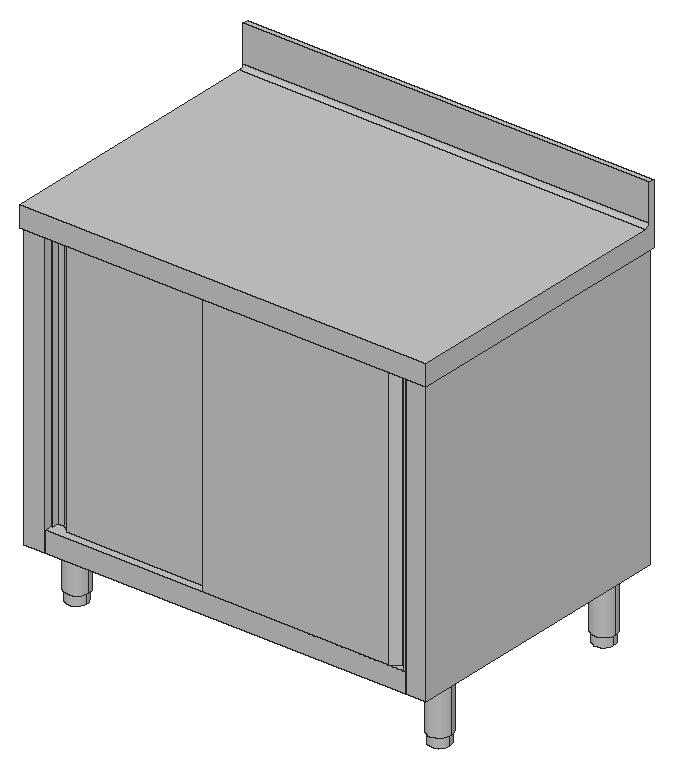
Revit family "QF_ZANUSSI_132776_MTN1010PN", category Attrezzature speciali, Revit 2020
Family settings
  Quota connettore circolare = Usa diametro
  Tipo di parte = Normale
  Basato su piano di lavoro = No
  Sempre verticale = Sì
  Taglio con vuoti quando caricato = No
  Condiviso = No
  Punto di calcolo locali = No
Parameters (values of type "Standard")
  Weight = 50.00 kg
  Watts = 0 W
  Volts = 0 V
  URL Manufacturer = "http://www.zanussiprofessional.com"
  URL = "http://www.zanussiprofessional.com"
  Steam Supply Size = 0 mm
  Steam Supply Minimum Pressure = 0.0 Pa
  Steam Supply Maximum Pressure = 0.0 Pa
  Steam Consumption per Hour = 0
  Refrigeration Suction Line Size = 0.0 mm
  Refrigeration Liquid Line Size = 0.0 mm
  Refrigerant Compressor Remote = yes
  Prospetto di default = 0.0 mm
  Produttore = "Zanussi"
  Phase = 0
  Modello = "MTN1010PN"
  Length Actual = 1000.0 mm  # constant formula
  Item Number = "132776"
  Hot Water Size = 0 mm
  Height Actual = 1000.0 mm  # constant formula
  HP = "0 HP"
  Gas Size = 0 mm
  Gas KW = 0
  Gas Input Pressure = 0 W
  Direct Waste Size = 0 mm
  Descrizione = "WORKTOP CUPB+UPST+SHELF+SLIDING D.1000MM"
  Depth Actual = 700.0 mm  # constant formula
  Cycle = 0 Hz
  Condensate Return Size = 0 mm
  Compressed Air Volume = 0.0 L/s
  Compressed Air Size = 0 mm
  Compressed Air Pressure = 0.0 Pa
  Cold Water Size = 0 mm
  Accessory = yes
Reference planes
  plane 1 "Center (Front/Back)": y = 0
  plane 2: z = 0
  plane 3 "Center (Left/Right)": x = 0
  plane 4 "LEFT": x = -500
  plane 5 "RIGHT": x = 500
  plane 6 "BACK": y = 350
  plane 7 "FRONT": y = -350
  plane 8 "Base": z = 850
  plane 9 "TOP": z = 900
  plane 10: x = -446.9
  plane 11: x = 446.9
  plane 12: y = 264.5
  plane 13: y = -241.9
  plane 14 "BodyLeft": x = -494.5
  plane 15 "BodyFront": y = -344.5
  plane 16 "BodyRight": x = 494.5
  plane 17 "BodyBack": y = 344.5
  plane 18 "FEET": z = 150
  plane 19: x = 55.5
  plane 20: x = -55.5
Forms (mm)
  Extrusion 1, solid, material "QF_Finishes_Stainless Steel"
    sketch origin (0, 0, 0) x (0, 1, 0) y (0, 0, 1)
      loop
        line (-350, 850) -> (350, 850) -> (350, 1000) -> (337, 1000) -> (337, 910)
        arc (337, 910) -> (334.071, 902.929) -> (327, 900) r 10
        line (327, 900) -> (-350, 900) -> (-350, 850)
    from 500 to -500
  Extrusion 2, solid, material "QF_Finishes_Stainless Steel"
    sketch origin (0, 0, 150) x (-1, 0, 0) y (0, -1, 0)
      loop
        line (494.5, -344.5) -> (494.5, 344.5) -> (444.5, 344.5) -> (444.5, -344.5) -> (494.5, -344.5)
      loop
        line (-444.5, -344.5) -> (-444.5, 344.5) -> (-494.5, 344.5) -> (-494.5, -344.5) -> (-444.5, -344.5)
    from 0 to 700
  Extrusion 3, solid, material "QF_Finishes_Stainless Steel"
    sketch origin (0, 0, 150) x (-1, 0, 0) y (0, -1, 0)
      loop
        line (443.585, -344.5) -> (443.585, 344.5) -> (-444.5, 344.5) -> (-444.5, -344.5) -> (443.585, -344.5)
    from 0 to 50
  Extrusion 4, solid, material "QF_Finishes_Stainless Steel"
    sketch origin (0, 0, 150) x (-1, 0, 0) y (0, -1, 0)
      loop
        line (443.585, -344.5) -> (443.585, -294.5) -> (-444.5, -294.5) -> (-444.5, -344.5) -> (443.585, -344.5)
    from 50 to 700
  Extrusion 5, solid, material "QF_Finishes_Stainless Steel"
    sketch origin (0, 0, 150) x (-1, 0, 0) y (0, -1, 0)
      loop
        line (-444.5, 344.5) -> (-444.5, 324.5) -> (55.5, 324.5) -> (55.5, 344.5) -> (-404.5, 344.5) -> (-424.5, 329.5) -> (-439.5, 329.5) -> (-439.5, 344.5) -> (-444.5, 344.5)
    from 50 to 700
  Extrusion 6, solid, material "QF_Finishes_Stainless Steel"
    sketch origin (0, 20, 150) x (1, 0, 0) y (0, 1, 0)
      loop
        line (-444.5, -344.5) -> (-439.5, -344.5) -> (-439.5, -329.5) -> (-424.5, -329.5) -> (-404.5, -344.5) -> (55.5, -344.5) -> (55.5, -324.5) -> (-444.5, -324.5) -> (-444.5, -344.5)
    from 50 to 700
Lines and regions (mm)
  symbolic lines
    curve 1: line (500, 350, 900) -> (-500, 350, 900)
    curve 2: line (-500, 350, 900) -> (-500, -350, 900)
    curve 3: line (-500, -350, 900) -> (500, -350, 900)
    curve 4: line (500, -350, 900) -> (500, 350, 900)
    curve 5: line (-500, 337, 900) -> (500, 337, 900)
  symbolic lines, style "SpecialityEquipmentHiddenLines"
    curve 6: line (-494.5, -344.5, 150) -> (-494.5, 344.5, 150)
    curve 7: line (-494.5, 344.5, 150) -> (494.5, 344.5, 150)
    curve 8: line (494.5, 344.5, 150) -> (494.5, -344.5, 150)
    curve 9: line (494.5, -344.5, 150) -> (-494.5, -344.5, 150)
    curve 10: line (-444.5, -304.5, 150) -> (55.5, -304.5, 150)
    curve 11: line (55.5, -304.5, 150) -> (55.5, -324.5, 150)
    curve 12: line (444.5, -324.5, 150) -> (-444.5, -324.5, 150)
    curve 13: line (-444.5, -324.5, 150) -> (-444.5, -304.5, 150)
    curve 14: line (-55.5, -344.5, 150) -> (-55.5, -324.5, 150)
Dimensions and locks
  plane 4 "LEFT" to plane 5 "RIGHT" = 1000.0 mm
  equal spacing: plane 4 "LEFT", plane 3 "Center (Left/Right)", plane 5 "RIGHT"
  locked: plane 8 "Base" to level at 850
  locked: Extrusion 1 to level at 1000
  plane 9 "TOP" to level = 900.0 mm
  plane 6 "BACK" to plane 7 "FRONT" = 700.0 mm
  equal spacing: plane 6 "BACK", plane 1 "Center (Front/Back)", plane 7 "FRONT"
  locked: plane 4 "LEFT" to plane 14 "BodyLeft" at 5.5
  locked: plane 16 "BodyRight" to plane 5 "RIGHT" at 5.5
  locked: plane 15 "BodyFront" to plane 7 "FRONT" at 5.5
  locked: plane 6 "BACK" to plane 17 "BodyBack" at 5.5
  locked: plane 14 "BodyLeft" to plane 10 at 47.6
  locked: plane 11 to plane 16 "BodyRight" at 47.6
  locked: plane 13 to plane 15 "BodyFront" at 102.6
  locked: plane 17 "BodyBack" to plane 12 at 80
  plane 10 to plane 11 = 893.8 mm
  plane 12 to plane 13 = 506.4 mm
  locked: plane 18 "FEET" to level at 150
  locked: plane 14 "BodyLeft" to Extrusion 2 sketch curve at 50
  locked: Extrusion 2 sketch curve to Extrusion 2 sketch curve at 50
  Extrusion 3 to Extrusion 4 sketch curve = 50.0 mm
  Extrusion 2 to plane 19 = 500.0 mm
  plane 20 to Extrusion 2 = 500.0 mm
  aligned and locked: level to plane 2
  aligned and locked: plane 10 to nested 1
  aligned and locked: nested 1 to plane 13
  aligned and locked: plane 11 to nested 2
  aligned and locked: nested 2 to plane 13
  aligned and locked: plane 11 to nested 4
  aligned and locked: nested 4 to plane 12
  aligned and locked: plane 10 to nested 3
  aligned and locked: nested 3 to plane 12
  aligned and locked: Extrusion 1 to plane 4 "LEFT"
  aligned and locked: plane 5 "RIGHT" to Extrusion 1
  aligned and locked: curve 2 to plane 4 "LEFT"
  aligned and locked: plane 17 "BodyBack" to Extrusion 2 sketch curve
  aligned and locked: Extrusion 2 sketch curve to plane 15 "BodyFront"
  aligned and locked: Extrusion 2 sketch curve to plane 14 "BodyLeft"
  aligned and locked: plane 16 "BodyRight" to Extrusion 2 sketch curve
  aligned and locked: Extrusion 2 sketch curve to plane 17 "BodyBack"
  aligned and locked: plane 15 "BodyFront" to Extrusion 2 sketch curve
  aligned and locked: Extrusion 3 sketch curve to plane 17 "BodyBack"
  aligned and locked: plane 15 "BodyFront" to Extrusion 3 sketch curve
  aligned and locked: plane 8 "Base" to Extrusion 2
  aligned and locked: plane 8 "Base" to Extrusion 5
  aligned and locked: Extrusion 5 to Extrusion 3
  aligned and locked: Extrusion 6 sketch curve to plane 19
  aligned and locked: Extrusion 5 sketch curve to plane 20
  aligned and locked: curve 7 to plane 17 "BodyBack"
  aligned and locked: Extrusion 2 to plane 14 "BodyLeft"
  aligned and locked: plane 16 "BodyRight" to curve 8
  aligned and locked: plane 15 "BodyFront" to curve 9
Automatic sketch dimensions
  curve 3 to plane 7 "FRONT" = 0.0 mm
  curve 5 to plane 5 "RIGHT" = 0.0 mm
  curve 4 to plane 6 "BACK" = 0.0 mm
  curve 5 to plane 17 "BodyBack" = 7.5 mm
  Extrusion 1 sketch curve to plane 7 "FRONT" = 0.0 mm
  Extrusion 1 sketch curve to plane 9 "TOP" = 0.0 mm
  Extrusion 1 sketch curve to plane 6 "BACK" = 0.0 mm
  Extrusion 1 sketch curve to plane 8 "Base" = 0.0 mm
  Extrusion 1 sketch curve to plane 17 "BodyBack" = 17.5 mm
  Extrusion 1 sketch curve to plane 17 "BodyBack" = 7.5 mm
  Extrusion 1 sketch curve to Extrusion 1 sketch curve = 90.0 mm
  Extrusion 5 sketch curve to plane 15 "BodyFront" = 0.0 mm  (x2)
  Extrusion 5 sketch curve to plane 11 = 2.4 mm
  Extrusion 5 sketch curve to Extrusion 5 sketch curve = 5.0 mm
  Extrusion 5 sketch curve to Extrusion 5 sketch curve = 15.0 mm
  Extrusion 5 sketch curve to Extrusion 5 sketch curve = 20.0 mm
  plane 15 "BodyFront" to Extrusion 5 sketch curve = 15.0 mm
  plane 15 "BodyFront" to Extrusion 5 sketch curve = 20.0 mm
  Extrusion 6 sketch curve to plane 15 "BodyFront" = 20.0 mm  (x2)
  Extrusion 6 sketch curve to plane 10 = 2.4 mm
  Extrusion 6 sketch curve to Extrusion 6 sketch curve = 5.0 mm
  Extrusion 6 sketch curve to Extrusion 6 sketch curve = 15.0 mm
  Extrusion 6 sketch curve to Extrusion 6 sketch curve = 20.0 mm  (x2)
  Extrusion 6 sketch curve to plane 15 "BodyFront" = 35.0 mm
  Extrusion 3 sketch curve to plane 11 = 2.4 mm
  plane 10 to Extrusion 3 sketch curve = 3.315 mm
  Extrusion 4 sketch curve to plane 11 = 2.4 mm
  plane 10 to Extrusion 4 sketch curve = 3.315 mm
  curve 10 to plane 19 = 0.0 mm
  curve 14 to plane 20 = 0.0 mm
  curve 7 to plane 14 "BodyLeft" = 0.0 mm
  plane 10 to curve 13 = 2.4 mm
  curve 10 to curve 13 = 20.0 mm
  curve 12 to plane 11 = 2.4 mm
  plane 15 "BodyFront" to curve 14 = 20.0 mm
Nested families
  nested 1: "FEET_D58-150" at (-446.9, -241.9, 0), type "FEET_D58-150"
  nested 2: "FEET_D58-150" at (446.9, -241.9, 0), type "FEET_D58-150"
  nested 3: "FEET_D58-150" at (-446.9, 264.5, 0), type "FEET_D58-150"
  nested 4: "FEET_D58-150" at (446.9, 264.5, 0), type "FEET_D58-150"
Definition of nested family "FEET_D58-150"
  Parameters
    Default Elevation = 0.0 mm
    FEET = 150.0 mm
  Reference planes
    plane 1 "Center (Front/Back)": y = 0
    plane 2: z = 0
    plane 3 "Center (Left/Right)": x = 0
    plane 4: z = 150
  Forms (mm)
    Extrusion 1, solid
      sketch origin (0, 0, 0) x (1, 0, 0) y (0, 1, 0)
        loop
          circle (0, 0) r 25
      from 0 to 25
    Extrusion 2, solid
      sketch origin (0, 0, 0) x (1, 0, 0) y (0, 1, 0)
        loop
          circle (0.061, 0) r 29
      from 25 to 150 <- "FEET"
  Lines and regions (mm)
    symbolic lines
      curve 1: line (0, -1.503, 0) -> (0, 1.508, 0)
      curve 2: line (1.561, 0, 0) -> (-1.439, 0, 0)
  Dimensions and locks
    "FEET": plane 4 to plane 2
    aligned and locked: level to plane 2
  Automatic sketch dimensions
    plane 1 "Center (Front/Back)" to Extrusion 1 sketch curve = 0.0 mm
    Extrusion 1 sketch curve to plane 3 "Center (Left/Right)" = 0.0 mm
    plane 1 "Center (Front/Back)" to curve 2 = 0.0 mm
    curve 1 to plane 3 "Center (Left/Right)" = 0.0 mm
    curve 2 to plane 3 "Center (Left/Right)" = 1.439 mm
    plane 3 "Center (Left/Right)" to curve 2 = 1.561 mm
    plane 1 "Center (Front/Back)" to curve 1 = 1.503 mm
    curve 1 to plane 1 "Center (Front/Back)" = 1.508 mm
    plane 1 "Center (Front/Back)" to Extrusion 2 sketch curve = 0.0 mm
    plane 3 "Center (Left/Right)" to Extrusion 2 sketch curve = 0.061 mm
    radius of Extrusion 1 sketch curve = 25.0 mm
    radius of Extrusion 2 sketch curve = 29.0 mm
